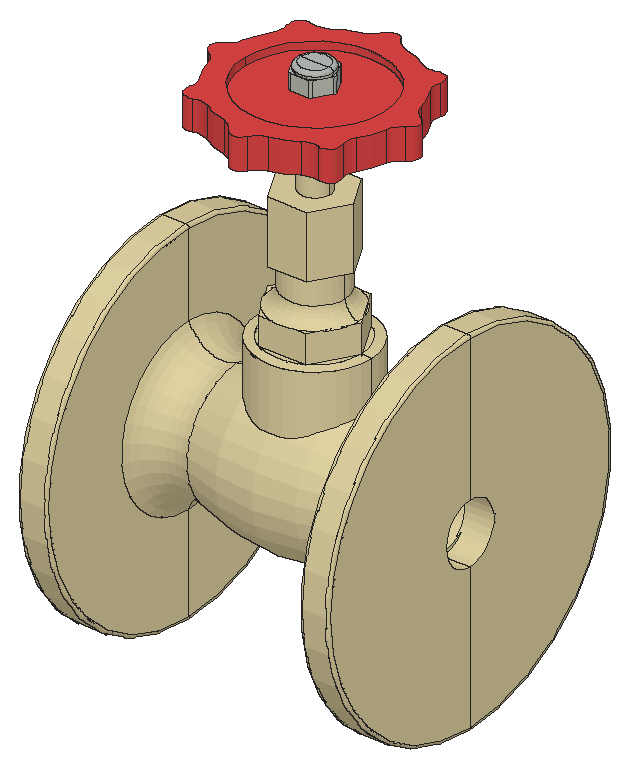
Revit family "DA05410000", category Apparecchi idraulici, Revit 2020
Family settings
  Quota connettore circolare = Usa diametro
  Tipo di parte = Normale
  Numero OmniClass = 23.45.00.00
  Titolo OmniClass = Sanitary, Laundry, and Cleaning Equipment
  Basato su piano di lavoro = No
  Sempre verticale = Sì
  Taglio con vuoti quando caricato = No
  Condiviso = No
  Punto di calcolo locali = No
Parameters
  URL = "https://web.cimberio.com/index.php/figura/697?subcategoria_id="
  Temperatura di esercizio = "-10 ÷ 170°C"
  Prospetto di default = 0 mm
  Produttore = "CIMBERIO SPA"
  Pressione nominale = "PN 16"
  Modello = "Cim 82PN16"
  Materiale = "Prodotto in lega di bronzo conforme alla norma EN 1982-CC491K"
  Descrizione = "Utilizzato nei più svariati settori dell’impiantistica ed in ogni applicazione industriale ed agricola dove è richiesta una regolazione: impianti di riscaldamento, idrici, igienico sanitari, aria compressa, reti di distribuzione vapore saturo, olii, benzine, petrolio ed altri idrocarburi e in generale con ogni fluido non corrosivo"
  DN Model [instance] = DA05413110 : DA05413110
  DN [instance] = 16 mm
  Commenti sul tipo = "Realizzato in ottemperanza ai requisiti gestionali della norma EN ISO 9001.\r\nCollaudato al 100% secondo la normativa EN 12266-1"
Reference planes
  plane 1 "Centro (Fronte/Retro)": y = 0
  plane 2: z = 0
  plane 3 "Centro (Sinistra/Destra)": x = 0
Dimensions and locks
  aligned and locked: level to plane 2
Nested families
  nested 1: "DA05413110" at (0, 0, 0), type <- "DN Model", type "DA05413110"
  nested 2: "DA05413110" at (0, 0, 0), type <- "DN Model", type "DA05413110"
  nested 3: "DA05413110" at (0, 0, 0), type <- "DN Model", type "DA05413110"
  nested 4: "DA05413110" at (0, 0, 0), type <- "DN Model", type "DA05413110"
  nested 5: "DA05413110" at (0, 0, 0), type <- "DN Model", type "DA05413110"
  nested 6: "DA05413110" at (0, 0, 0), type <- "DN Model", type "DA05413110"
  nested 7: "DA05413110" at (0, 0, 0), type <- "DN Model", type "DA05413110"
  nested 8: "DA05413110" at (0, 0, 0), type <- "DN Model", type "DA05413110"
  nested 9: "DA05413110" at (0, 0, 0), type <- "DN Model", type "DA05413110"
Connectors
  piping at (41.232, 0, 0), diameter 16, driven by "DN"
    settings: on nested 1, index 1, connector inside diameter 609.6 mm, connector length 0 mm, flow factor 0, pipe flow 0.0 L/s, pressure drop 0.0 Pa, fitting loss kfactor 0, connector angle 0.00°, fixture units 0, engagement length 0 mm, angle of deflection 0.00°, flow configuration 0, flow direction 0, fitting loss method 0, system type 7, joint type 0, gender type 0, connector reference index -1, connector utility 0, adjustable connector no, is connector primary yes, connector description ""
  piping at (-41.232, 0, 0), diameter 16, driven by "DN"
    settings: on nested 1, index 2, connector inside diameter 609.6 mm, connector length 0 mm, flow factor 0, pipe flow 0.0 L/s, pressure drop 0.0 Pa, fitting loss kfactor 0, connector angle 0.00°, fixture units 0, engagement length 0 mm, angle of deflection 0.00°, flow configuration 0, flow direction 0, fitting loss method 0, system type 7, joint type 0, gender type 0, connector reference index -1, connector utility 0, adjustable connector no, is connector primary no, connector description ""
Definition of nested family "DA05413110"
  Parameters (values of type "DA05403110")
    Default Elevation = 0 mm
  Reference planes
    plane 1 "Centro (Fronte/Retro)": y = 0
    plane 2: z = 0
    plane 3 "Centro (Sinistra/Destra)": x = 0
  Forms (mm)
    Revolve 1, solid
      sketch origin (0, 0, 0) x (1, 0, 0) y (0, 0, 1)
        loop
          line (33.727, -7.5) -> (-33.937, -7.5) -> (-33.937, -22.217)
          arc (-33.937, -22.217) -> (-29.131, -15.246) -> (-20.687, -14.614) r 9.811
          arc (-20.687, -14.614) -> (0, -18.5) -> (20.687, -14.614) r 57
          arc (20.687, -14.614) -> (28.684, -15.005) -> (33.727, -21.225) r 9.811
          line (33.727, -21.225) -> (33.727, -7.5)
        axis (-33.937, 2) -> (33.727, 2)
      angle from 0 to 360
    Revolve 2, solid
      sketch origin (0, 0, 0) x (1, 0, 0) y (0, 0, 1)
        loop
          line (-15, 4.172) -> (0, 4.172) -> (0, 32.573) -> (-12.5, 32.573) -> (-15, 32.132) -> (-15, 4.172)
        axis (0, 32.573) -> (0, 4.172)
      angle from 0 to 360
    Extrusion 3, solid
      sketch origin (0, 0, 0) x (0, -1, 0) y (1, 0, 0)
        loop
          line (0, 12.5) -> (-10.825, 6.25) -> (-10.825, -6.25) -> (0, -12.5) -> (10.825, -6.25) -> (10.825, 6.25) -> (0, 12.5)
      from 32.132 to 39.804
    Revolve 4, solid
      sketch origin (0, 0, 3.5) x (1, 0, 0) y (0, 0, 1)
        loop
          line (0, 47.5) -> (-7.95, 47.5) -> (-8.019, 40.572)
          arc (-8.019, 40.572) -> (-9.032, 37.961) -> (-11.29, 36.304) r 5
          line (-11.29, 36.304) -> (0, 36.304) -> (0, 47.5)
        axis (0, 47.5) -> (0, 36.304)
      angle from 0 to 360
    Extrusion 5, solid
      sketch origin (0, 0, 0) x (0, -1, 0) y (1, 0, 0)
        loop
          line (0, -10.4) -> (9.007, -5.2) -> (9.007, 5.2) -> (0, 10.4) -> (-9.007, 5.2) -> (-9.007, -5.2) -> (0, -10.4)
      from 51 to 67.5
    Revolve 6, solid
      sketch origin (0, 0, 12.019) x (1, 0, 0) y (0, 0, 1)
        loop
          line (-8.5, 72.318) -> (-8.5, 69.97)
          arc (-8.5, 69.97) -> (-8.353, 69.616) -> (-7.999, 69.469) r 0.501
          line (-7.999, 69.469) -> (-4, 69.469) -> (-4, 52.626) -> (0, 52.626) -> (0, 72.318) -> (-8.5, 72.318)
        axis (0, 72.318) -> (0, 52.626)
      angle from 0 to 360
    Extrusion 7, solid
      sketch origin (0, 0, 12.085) x (0.98263, 0.185575, 0) y (-0.185575, 0.98263, 0)
        loop
          spline (-12.624, 22.54) -> (-13.213, 22.77) -> (-13.791, 22.909) -> (-14.346, 22.954) -> (-14.868, 22.904) -> (-15.347, 22.761) -> (-15.773, 22.527) -> (-16.139, 22.206) -> (-16.438, 21.805) -> (-16.663, 21.332) -> (-16.81, 20.794) -> (-16.877, 20.204) -> (-16.863, 19.572)
          arc (-16.863, 19.572) -> (-17.081, 17.552) -> (-18.08, 15.783) r 5.029
          arc (-18.08, 15.783) -> (-20.241, 12.895) -> (-21.945, 9.716) r 24
          arc (-21.945, 9.716) -> (-23.126, 8.063) -> (-24.865, 7.011) r 5.029
          spline (-24.865, 7.011) -> (-25.444, 6.757) -> (-25.951, 6.447) -> (-26.375, 6.086) -> (-26.709, 5.682) -> (-26.946, 5.242) -> (-27.082, 4.775) -> (-27.114, 4.29) -> (-27.042, 3.795) -> (-26.866, 3.301) -> (-26.591, 2.817) -> (-26.221, 2.352) -> (-25.763, 1.916)
          arc (-25.763, 1.916) -> (-24.489, 0.333) -> (-23.945, -1.624) r 5.029
          arc (-23.945, -1.624) -> (-23.431, -5.195) -> (-22.388, -8.648) r 24
          arc (-22.388, -8.648) -> (-22.054, -10.652) -> (-22.54, -12.624) r 5.029
          spline (-22.54, -12.624) -> (-22.77, -13.213) -> (-22.909, -13.791) -> (-22.954, -14.346) -> (-22.904, -14.868) -> (-22.761, -15.347) -> (-22.527, -15.773) -> (-22.206, -16.139) -> (-21.805, -16.438) -> (-21.332, -16.663) -> (-20.794, -16.81) -> (-20.204, -16.877) -> (-19.572, -16.863)
          arc (-19.572, -16.863) -> (-17.552, -17.081) -> (-15.783, -18.08) r 5.029
          arc (-15.783, -18.08) -> (-12.895, -20.241) -> (-9.716, -21.945) r 24
          arc (-9.716, -21.945) -> (-8.081, -23.106) -> (-7.03, -24.813) r 5.029
          spline (-7.03, -24.813) -> (-6.779, -25.402) -> (-6.471, -25.918) -> (-6.111, -26.351) -> (-5.706, -26.693) -> (-5.265, -26.937) -> (-4.795, -27.079) -> (-4.307, -27.115) -> (-3.809, -27.045) -> (-3.312, -26.871) -> (-2.824, -26.595) -> (-2.356, -26.223) -> (-1.916, -25.763)
          arc (-1.916, -25.763) -> (-0.333, -24.489) -> (1.624, -23.945) r 5.029
          arc (1.624, -23.945) -> (5.195, -23.431) -> (8.648, -22.388) r 24
          arc (8.648, -22.388) -> (10.624, -22.053) -> (12.575, -22.516) r 5.029
          spline (12.575, -22.516) -> (13.172, -22.757) -> (13.759, -22.903) -> (14.323, -22.954) -> (14.854, -22.907) -> (15.341, -22.764) -> (15.773, -22.527) -> (16.144, -22.201) -> (16.445, -21.793) -> (16.671, -21.31) -> (16.816, -20.763) -> (16.879, -20.161) -> (16.858, -19.518)
          arc (16.858, -19.518) -> (17.089, -17.526) -> (18.08, -15.783) r 5.029
          arc (18.08, -15.783) -> (20.241, -12.895) -> (21.945, -9.716) r 24
          arc (21.945, -9.716) -> (23.106, -8.081) -> (24.813, -7.03) r 5.029
          spline (24.813, -7.03) -> (25.406, -6.777) -> (25.924, -6.466) -> (26.359, -6.103) -> (26.701, -5.694) -> (26.944, -5.249) -> (27.082, -4.775) -> (27.114, -4.283) -> (27.038, -3.781) -> (26.856, -3.281) -> (26.572, -2.791) -> (26.191, -2.321) -> (25.721, -1.881)
          arc (25.721, -1.881) -> (24.477, -0.309) -> (23.945, 1.624) r 5.029
          arc (23.945, 1.624) -> (23.431, 5.195) -> (22.388, 8.648) r 24
          arc (22.388, 8.648) -> (22.053, 10.624) -> (22.516, 12.575) r 5.029
          spline (22.516, 12.575) -> (22.757, 13.172) -> (22.903, 13.759) -> (22.954, 14.323) -> (22.907, 14.854) -> (22.764, 15.341) -> (22.527, 15.773) -> (22.201, 16.144) -> (21.793, 16.445) -> (21.31, 16.671) -> (20.763, 16.816) -> (20.161, 16.879) -> (19.518, 16.858)
          arc (19.518, 16.858) -> (17.526, 17.089) -> (15.783, 18.08) r 5.029
          arc (15.783, 18.08) -> (12.895, 20.241) -> (9.716, 21.945) r 24
          arc (9.716, 21.945) -> (8.063, 23.126) -> (7.011, 24.865) r 5.029
          spline (7.011, 24.865) -> (6.755, 25.448) -> (6.442, 25.957) -> (6.078, 26.383) -> (5.67, 26.717) -> (5.227, 26.953) -> (4.755, 27.086) -> (4.266, 27.113) -> (3.768, 27.035) -> (3.271, 26.852) -> (2.784, 26.568) -> (2.318, 26.188) -> (1.881, 25.721)
          arc (1.881, 25.721) -> (0.309, 24.477) -> (-1.624, 23.945) r 5.029
          arc (-1.624, 23.945) -> (-5.195, 23.431) -> (-8.648, 22.388) r 24
          arc (-8.648, 22.388) -> (-10.652, 22.054) -> (-12.624, 22.54) r 5.029
      from 71.915 to 79.915
    Extrusion 8, void
      sketch origin (0, 0, 12.085) x (1, 0, 0) y (0, 1, 0)
        loop
          circle (0, 0) r 18.5
      from 78 to 80.921
    Extrusion 9, solid
      sketch origin (0.001, 0, 14) x (0.934965, 0.354741, 0) y (-0.354741, 0.934965, 0)
        loop
          line (-1.377, 5.329) -> (-4.94, 2.419)
          arc (-4.94, 2.419) -> (-5.249, 1.991) -> (-5.302, 1.465) r 1.021
          line (-5.302, 1.465) -> (-4.565, -3.074)
          arc (-4.565, -3.074) -> (-4.349, -3.551) -> (-3.924, -3.858) r 1.012
          line (-3.924, -3.858) -> (0.37, -5.486)
          arc (0.37, -5.486) -> (0.9, -5.54) -> (1.387, -5.321) r 1.03
          line (1.387, -5.321) -> (4.931, -2.427)
          arc (4.931, -2.427) -> (5.246, -1.989) -> (5.3, -1.452) r 1.042
          line (5.3, -1.452) -> (4.567, 3.058)
          arc (4.567, 3.058) -> (4.346, 3.549) -> (3.909, 3.863) r 1.04
          line (3.909, 3.863) -> (-0.382, 5.491)
          arc (-0.382, 5.491) -> (-0.901, 5.543) -> (-1.377, 5.329) r 1.007
      from 78 to 82
    Revolve 10, solid
      sketch origin (0, 0, 13.506) x (1, 0, 0) y (0, 0, 1)
        loop
          line (0, 83.994) -> (0, 81.954) -> (4.75, 81.954) -> (4.75, 82.994)
          arc (4.75, 82.994) -> (4.457, 83.701) -> (3.75, 83.994) r 1
          line (3.75, 83.994) -> (0, 83.994)
        axis (0, 83.994) -> (0, 81.954)
      angle from 0 to 360
    Revolve 11, solid
      sketch origin (-6.732, 0, 0) x (1, 0, 0) y (0, 0, 1)
        loop
          line (-34.5, 46.192) -> (-34.5, 8) -> (-26.733, 8) -> (-26.733, 46.165)
          arc (-26.733, 46.165) -> (-26.977, 46.756) -> (-27.567, 47) r 0.835
          line (-27.567, 47) -> (-33.692, 47)
          arc (-33.692, 47) -> (-34.263, 46.763) -> (-34.5, 46.192) r 0.808
        axis (-34.5, 0) -> (-26.733, 0)
      angle from 0 to 360
    Revolve 12, solid
      sketch origin (6.732, 0, 0) x (-1, 0, 0) y (0, 0, -1)
        loop
          arc (-34.5, -46.192) -> (-34.263, -46.763) -> (-33.692, -47) r 0.808
          line (-33.692, -47) -> (-27.567, -47)
          arc (-27.567, -47) -> (-26.977, -46.756) -> (-26.733, -46.165) r 0.835
          line (-26.733, -46.165) -> (-26.733, -8) -> (-34.5, -8) -> (-34.5, -46.192)
        axis (-34.5, 0) -> (-26.733, 0)
      angle from 0 to 360
  Cuts and joins
    Extrusion 8 cuts Extrusion 7
  Dimensions and locks
    aligned and locked: level to plane 2
